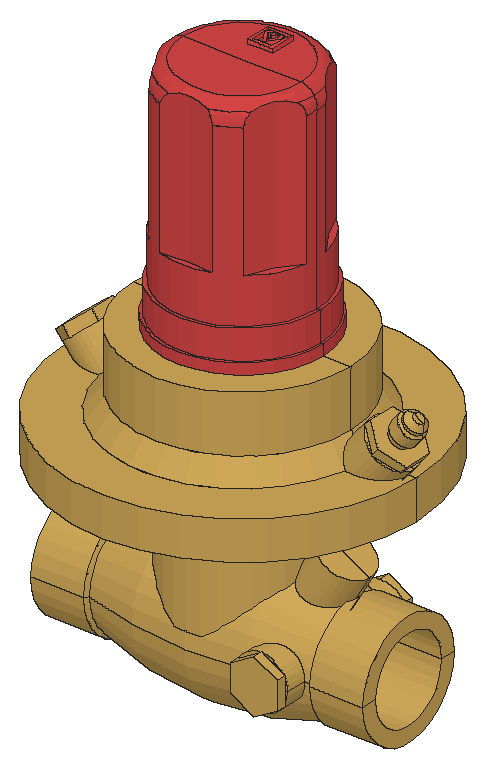
Revit family "Differenzdruckregler 4007", category Rohrzubehör, Revit 2019
Family settings
  Bemaßung runder Anschluss = Durchmesser verwenden
  Teiletyp = Unterbricht
  OmniClass-Nummer = 23.65.55.14.24
  OmniClass-Titel = Mixing Valves for Liquid Services
  Arbeitsebenenbasiert = Nein
  Immer vertikal = Ja
  Beim Laden mit Abzugskörper schneiden = Nein
  Gemeinsam genutzt = Nein
Parameters
  t1 = 24.467 mm
  Prüfdruck = 2400000.0 Pa  # constant formula
  Min. Betriebstemperatur (reines Wasser) = 2 °C  # constant formula
  Min. Betriebstemperatur (Frostschutz, Messinggehäuse) = -20 °C  # constant formula
  Min. Betriebstemperatur (Frostschutz, Graugussgehäuse) = -10 °C  # constant formula
  Max. zulässige Betriebstemperatur DN40-DN80 = 110 °C  # constant formula
  Max. zulässige Betriebstemperatur DN15-DN32 = 130 °C  # constant formula
  Max. Differenzdruck am Gehäuse = 200000.0 Pa  # constant formula
  m4 [instance] = R03 - 11.00 mm  # 20.50 mm
  m3 = 4.00 mm
  m2 [instance] = R03 - 8.50 mm  # 23.00 mm
  m1 = 3.50 mm
  k9 = 17.65 mm
  k8 = 130.00°
  k7 = 9.45 mm
  k6 = 8.678 mm
  k5 = 11.83 mm
  k4 = 142.00°
  k3 = 63.00 mm
  k22 = 3.217 mm
  k21 = 28.72 mm
  k20 = 70.557 mm
  k2 = 49.08 mm
  k19 = 24.467 mm
  k18 = 24.467 mm
  k17 [instance] = 4.002 mm
  k16 = 7.283 mm
  k15 [instance] = size_lookup("4007", "k15", 10.00 mm, Nennweite)  # 7.28 mm
  k14 = 101.662 mm
  k13 = 14.00 mm
  k12 = 39.276 mm
  k11 = 45.00 mm
  k10 = 20.56 mm
  k1 = 21.00 mm
  h2 [instance] = size_lookup("4007", "h2", 18.75 mm, Nennweite)  # 24.50 mm
  h1 = 20.595 mm
  a3 = 9.50 mm
  a2 = 21.021 mm
  a1 = 9.50 mm
  Ventilgehäuse 4007 = "entzinkungsbeständiges Messing"  # constant formula
  URL = "www.herz-armaturen.at"
  Sollwertfeder = "nichtrostender Stahl"  # constant formula
  Schrauben [instance] = if(Nennweite = 15.00 mm, "4x M12x50", if(Nennweite = 20.00 mm, "4x M12x55", if(Nennweite = 25.00 mm, "4x M12x55", if(Nennweite = 32.00 mm, "4x M16x60", if(Nennweite = 40.00 mm, "4x M16x60", if(Nennweite = 50.00 mm, "4x M16x60", if(Nennweite = 65.00 mm, "4x M16x60", if(Nennweite = 80.00 mm, "8x M16x65", if(Nennweite = 100.00 mm, "8x M16x65", if(Nennweite = 125.00 mm, "8x M16x70", if(Nennweite = 150.00 mm, "8x M20x70", if(Nennweite = 200.00 mm, "12x M20x75", if(Nennweite = 250.00 mm, "12x M24x85", if(Nennweite = 300.00 mm, "12x M24x85", if(Nennweite = 350.00 mm, "16x M24x90", "16x M27x100")))))))))))))))  # "4x M12x55"
  SW [instance] = size_lookup("4007", "SW", 13.50 mm, Nennweite)  # 20.50 mm
  SCRNSEQ = "ARM;ARM_TYP=\"DIFR\";2"
  SCRNCODE = "05;03;4"  # constant formula
  Rp [instance] = size_lookup("4007", "Rp", 9.30 mm, Nennweite)  # 15.146 mm
  R04 [instance] = size_lookup("4007", "R04", 19.50 mm, Nennweite)  # 25.40 mm
  R03 [instance] = size_lookup("4007", "R03", 27.50 mm, Nennweite)  # 31.50 mm
  R02 [instance] = size_lookup("4007", "R02", 12.70 mm, Nennweite)  # 19.00 mm
  R01 [instance] = size_lookup("4007", "R01", 21.00 mm, Nennweite)  # 26.00 mm
  Nennweite [instance] = 25.00 mm
  Membrane und O-Ringe = "EPDM"  # constant formula
  Medium = "Die Verwendung von Ethylen- und Propylenglykol ist im Mischungsverhältnis 25 - 50 % zulässig.\r\nHeizwasserqualität entsprechend ÖNORM H 5195 bzw. VDI-Richtlinie 2035. Als Korrosionsschutz kann Helamin HS 190H oder Waterdos OXA30 verwendet werden."
  L03 [instance] = size_lookup("4007", "L03", 35.00 mm, Nennweite)  # 45.00 mm
  L02 [instance] = size_lookup("4007", "L02", 21.00 mm, Nennweite)  # 27.00 mm
  L01 [instance] = size_lookup("4007", "L01", 15.00 mm, Nennweite)  # 19.10 mm
  L [instance] = size_lookup("4007", "L", 100.00 mm, Nennweite)  # 120.00 mm
  Hinweise zum Material = "Im Hanf enthaltenes Ammoniak schädigt Messingventilgehäuse, EPDM Dichtungen werden durch Mineralöle bzw. mineralölhaltige Schmierstoffe aufgequollen und führen somit zum Ausfall der EPDM-Dichtungen. Frost- und Korrosionsschutzmittel auf der Basis von Ethylenglykol sind die entsprechenden Angaben den Unterlagen des Herstellers zu entnehmen."
  Hersteller = "HERZ-Armaturen Ges.m.b.H"  # constant formula
  DN80 [instance] = Nennweite = 80.00 mm  # no
  DN65-80 [instance] = or(Nennweite = 65.00 mm, Nennweite = 80.00 mm)  # no
  DN65 [instance] = Nennweite = 65.00 mm  # no
  DN50 [instance] = Nennweite = 50.00 mm  # no
  DN40 [instance] = Nennweite = 40.00 mm  # no
  DN32-40 [instance] = or(Nennweite = 32.00 mm, Nennweite = 40.00 mm)  # no
  DN32 [instance] = Nennweite = 32.00 mm  # no
  DN25 [instance] = Nennweite = 25.00 mm  # yes
  DN20 [instance] = Nennweite = 20.00 mm  # no
  DN15-50 [instance] = or(Nennweite = 15.00 mm, Nennweite = 20.00 mm, Nennweite = 25.00 mm, Nennweite = 32.00 mm, Nennweite = 40.00 mm, Nennweite = 50.00 mm)  # yes
  DN15-20 [instance] = or(Nennweite = 15.00 mm, Nennweite = 20.00 mm)  # no
  DN15 [instance] = Nennweite = 15.00 mm  # no
  Max. Betriebsdruck = 1600000.0 Pa  # constant formula
  Bestellnummer [instance] = size_lookup("4007", "Artnr", 0, Nennweite)  # 1400703
  B1 [instance] = size_lookup("4007", "b1", 9.50 mm, Nennweite)  # 9.50 mm
  Anwendungsgebiet = "Für Heizungs- und Kühlanlagen um den Differenzdruck innerhalb des regeltechnischen Bereiches konstant zu halten."
Reference planes
  plane 1 "Mitte (Vorne/hinten)": y = 0
  plane 2: z = 0
  plane 3 "Mitte (Links/rechts)": x = 0
Forms (mm)
  Revolve 1, solid, material "Messing, weicher Gelbton, geschweißt", detail levels fine
    sketch origin (0, 0, 0) x (1, 0, 0) y (0, 1, 0)
      loop
        line (-60, 15.146) -> (60, 15.146) -> (60, 20.5) -> (40.9, 20.5) -> (40.265, 19)
        arc (40.265, 19) -> (0, 26) -> (-40.265, 19) r 119.305
        line (-40.265, 19) -> (-40.9, 20.5) -> (-60, 20.5) -> (-60, 15.146)
      axis (60, 0) -> (-60, 0)
    angle from 0 to 360
  Revolve 2, solid, material "Messing, weicher Gelbton, geschweißt", detail levels fine
    sketch origin (0, 0, 0) x (1, 0, 0) y (0, 0, 1)
      loop
        line (-25.4, 45) -> (-25.4, 0) -> (0, 0) -> (0, 45) -> (-25.4, 45)
      axis (0, 45) -> (0, 0)
    angle from 0 to 360
  Revolve 3, solid, material "Messing, weicher Gelbton, geschweißt", detail levels fine
    sketch origin (0, 0, 1.88) x (1, 0, 0) y (0, 0, 1)
      loop
        line (0, 43.116) -> (0, 144.779) -> (-21, 144.779) -> (-21, 92.196) -> (-39.276, 92.196) -> (-39.276, 71.639) -> (-45.35, 64.4) -> (-63, 64.4) -> (-63, 50.4) -> (-54.322, 50.4) -> (-45, 43.116) -> (0, 43.116)
      axis (0, 144.779) -> (0, 43.116)
    angle from 0 to 360
  Revolve 4, solid, material "Messing, weicher Gelbton, geschweißt", visible <- "DN15", detail levels fine
    sketch origin (0, 0, 0) x (1, 0, 0) y (0, 0, 1)
      loop
        line (-22.014, 8.727) -> (-13.787, 13.477) -> (-24.773, 32.507) -> (-33, 27.757) -> (-22.014, 8.727)
      axis (-33, 27.757) -> (-22.014, 8.727)
    angle from 0 to 360
  Revolve 5, solid, material "Messing, weicher Gelbton, geschweißt", visible <- "DN15", detail levels fine
    sketch origin (0, 0, 0) x (-1, 0, 0) y (0, 0, 1)
      loop
        line (-22.014, 8.727) -> (-13.787, 13.477) -> (-24.773, 32.507) -> (-33, 27.757) -> (-22.014, 8.727)
      axis (-33, 27.757) -> (-22.014, 8.727)
    angle from 0 to 360
  Revolve 6, solid, material "Messing, weicher Gelbton, geschweißt", visible <- "DN20", detail levels fine
    sketch origin (-0.6, 0, 0.94) x (1, 0, 0) y (0, 0, 1)
      loop
        line (-22.014, 8.727) -> (-13.787, 13.477) -> (-24.773, 32.507) -> (-33, 27.757) -> (-22.014, 8.727)
      axis (-33, 27.757) -> (-22.014, 8.727)
    angle from 0 to 360
  Revolve 7, solid, material "Messing, weicher Gelbton, geschweißt", visible <- "DN20", detail levels fine
    sketch origin (0.6, 0, 0.94) x (-1, 0, 0) y (0, 0, 1)
      loop
        line (-22.014, 8.727) -> (-13.787, 13.477) -> (-24.773, 32.507) -> (-33, 27.757) -> (-22.014, 8.727)
      axis (-33, 27.757) -> (-22.014, 8.727)
    angle from 0 to 360
  Revolve 8, solid, material "Messing, weicher Gelbton, geschweißt", visible <- "DN25", detail levels fine
    sketch origin (-4.851, 0, 5.003) x (1, 0, 0) y (0, 0, 1)
      loop
        line (-22.014, 8.727) -> (-13.787, 13.477) -> (-24.773, 32.507) -> (-33, 27.757) -> (-22.014, 8.727)
      axis (-33, 27.757) -> (-22.014, 8.727)
    angle from 0 to 360
  Revolve 9, solid, material "Messing, weicher Gelbton, geschweißt", visible <- "DN25", detail levels fine
    sketch origin (4.851, 0, 5.003) x (-1, 0, 0) y (0, 0, 1)
      loop
        line (-22.014, 8.727) -> (-13.787, 13.477) -> (-24.773, 32.507) -> (-33, 27.757) -> (-22.014, 8.727)
      axis (-33, 27.757) -> (-22.014, 8.727)
    angle from 0 to 360
  Revolve 10, solid, material "Messing, weicher Gelbton, geschweißt", visible <- "DN32", detail levels fine
    sketch origin (-12.5, 0, 10.252) x (1, 0, 0) y (0, 0, 1)
      loop
        line (-22.014, 8.727) -> (-13.787, 13.477) -> (-24.773, 32.507) -> (-33, 27.757) -> (-22.014, 8.727)
      axis (-33, 27.757) -> (-22.014, 8.727)
    angle from 0 to 360
  Revolve 11, solid, material "Messing, weicher Gelbton, geschweißt", visible <- "DN32", detail levels fine
    sketch origin (12.5, 0, 10.252) x (-1, 0, 0) y (0, 0, 1)
      loop
        line (-22.014, 8.727) -> (-13.787, 13.477) -> (-24.773, 32.507) -> (-33, 27.757) -> (-22.014, 8.727)
      axis (-33, 27.757) -> (-22.014, 8.727)
    angle from 0 to 360
  Revolve 12, solid, material "Messing, weicher Gelbton, geschweißt", visible <- "DN40", detail levels fine
    sketch origin (-18.5, 0, 13.444) x (1, 0, 0) y (0, 0, 1)
      loop
        line (-22.014, 8.727) -> (-13.787, 13.477) -> (-24.773, 32.507) -> (-33, 27.757) -> (-22.014, 8.727)
      axis (-33, 27.757) -> (-22.014, 8.727)
    angle from 0 to 360
  Revolve 13, solid, material "Messing, weicher Gelbton, geschweißt", visible <- "DN40", detail levels fine
    sketch origin (18.5, 0, 13.444) x (-1, 0, 0) y (0, 0, 1)
      loop
        line (-22.014, 8.727) -> (-13.787, 13.477) -> (-24.773, 32.507) -> (-33, 27.757) -> (-22.014, 8.727)
      axis (-33, 27.757) -> (-22.014, 8.727)
    angle from 0 to 360
  Revolve 14, solid, material "Messing, weicher Gelbton, geschweißt", visible <- "DN50", detail levels fine
    sketch origin (-23.5, 0, 19.174) x (1, 0, 0) y (0, 0, 1)
      loop
        line (-22.014, 8.727) -> (-13.787, 13.477) -> (-24.773, 32.507) -> (-33, 27.757) -> (-22.014, 8.727)
      axis (-33, 27.757) -> (-22.014, 8.727)
    angle from 0 to 360
  Revolve 15, solid, material "Messing, weicher Gelbton, geschweißt", visible <- "DN50", detail levels fine
    sketch origin (23.5, 0, 19.174) x (-1, 0, 0) y (0, 0, 1)
      loop
        line (-22.014, 8.727) -> (-13.787, 13.477) -> (-24.773, 32.507) -> (-33, 27.757) -> (-22.014, 8.727)
      axis (-33, 27.757) -> (-22.014, 8.727)
    angle from 0 to 360
  Revolve 16, solid, material "Messing, weicher Gelbton, geschweißt", detail levels fine
    sketch origin (0, 0, 0) x (1, 0, 0) y (0, 1, 0)
      loop
        line (38, 0) -> (38, 27) -> (28.5, 27) -> (28.5, 0) -> (38, 0)
      axis (28.5, 27) -> (28.5, 0)
    angle from 0 to 360
  Revolve 17, solid, material "Messing, weicher Gelbton, geschweißt", detail levels fine
    sketch origin (0, 0, 0) x (1, 0, 0) y (0, -1, 0)
      loop
        line (38, 0) -> (38, 27) -> (28.5, 27) -> (28.5, 0) -> (38, 0)
      axis (28.5, 27) -> (28.5, 0)
    angle from 0 to 360
  Extrusion 18, solid, material "Messing, weicher Gelbton, geschweißt", visible <- "DN15-50", detail levels fine
    sketch origin (0, 0, 0) x (1, 0, 0) y (0, 0, -1)
      loop
        line (37, -4.907) -> (37, 4.907) -> (28.5, 9.815) -> (20, 4.907) -> (20, -4.907) -> (28.5, -9.815) -> (37, -4.907)
    from 27 to 30.5
  Extrusion 19, solid, material "Messing, weicher Gelbton, geschweißt", visible <- "DN15-50", detail levels fine
    sketch origin (0, 0, 0) x (1, 0, 0) y (0, 0, 1)
      loop
        line (37, 4.907) -> (28.5, 9.815) -> (20, 4.907) -> (20, -4.907) -> (28.5, -9.815) -> (37, -4.907) -> (37, 4.907)
    from 27 to 30.5
  Revolve 20, solid, material "Messing, weicher Gelbton, geschweißt", detail levels fine
    sketch origin (0, 0, 0) x (1, 0, 0) y (0, 0, 1)
      loop
        line (-54.637, 74.894) -> (-41.125, 58.791) -> (-33.848, 64.897) -> (-47.36, 81) -> (-54.637, 74.894)
      axis (-54.637, 74.894) -> (-41.125, 58.791)
    angle from 0 to 360
  Revolve 21, solid, material "Messing, weicher Gelbton, geschweißt", detail levels fine
    sketch origin (0, 0, 0) x (-1, 0, 0) y (0, 0, 1)
      loop
        line (-54.637, 74.894) -> (-41.125, 58.791) -> (-33.848, 64.897) -> (-47.36, 81) -> (-54.637, 74.894)
      axis (-54.637, 74.894) -> (-41.125, 58.791)
    angle from 0 to 360
  Extrusion 22, solid, material "Messing, weicher Gelbton, geschweißt", visible <- "DN15-20", detail levels fine
    sketch origin (-123.581, 0, 7.046) x (0.766044, 0, 0.642788) y (0, 1, 0)
      loop
        line (98.5, 4.907) -> (90, 9.815) -> (81.5, 4.907) -> (81.5, -4.907) -> (90, -9.815) -> (98.5, -4.907) -> (98.5, 4.907)
    from 0 to 4
  Extrusion 23, solid, material "Messing, weicher Gelbton, geschweißt", visible <- "DN15-20", detail levels fine
    sketch origin (-14.307, 0, 122.748) x (0.766044, 0, -0.642788) y (0, 1, 0)
      loop
        line (98.5, 4.907) -> (90, 9.815) -> (81.5, 4.907) -> (81.5, -4.907) -> (90, -9.815) -> (98.5, -4.907) -> (98.5, 4.907)
    from 0 to 3.4
  Revolve 24, solid, material "Messing, weicher Gelbton, geschweißt", visible <- "DN15-20", detail levels fine
    sketch origin (0, 0, 0) x (1, 0, 0) y (0, 0, 1)
      loop
        line (56.822, 67.502) -> (59.81, 64.995) -> (61.417, 66.91) -> (62.155, 66.29) -> (65.109, 69.81) -> (64.941, 71.133) -> (65.648, 71.975) -> (65.414, 74.652) -> (63.893, 75.928) -> (56.822, 67.502)
      axis (63.893, 75.928) -> (56.822, 67.502)
    angle from 0 to 360
  Extrusion 25, solid, material "Messing, weicher Gelbton, geschweißt", visible <- "DN25", detail levels fine
    sketch origin (-123.581, 0, 17.046) x (0.766044, 0, 0.642788) y (0, 1, 0)
      loop
        line (98.5, 4.907) -> (90, 9.815) -> (81.5, 4.907) -> (81.5, -4.907) -> (90, -9.815) -> (98.5, -4.907) -> (98.5, 4.907)
    from 0 to 4
  Extrusion 26, solid, material "Messing, weicher Gelbton, geschweißt", visible <- "DN25", detail levels fine
    sketch origin (-14.307, 0, 132.748) x (0.766044, 0, -0.642788) y (0, 1, 0)
      loop
        line (98.5, 4.907) -> (90, 9.815) -> (81.5, 4.907) -> (81.5, -4.907) -> (90, -9.815) -> (98.5, -4.907) -> (98.5, 4.907)
    from 0 to 3.4
  Revolve 27, solid, material "Messing, weicher Gelbton, geschweißt", visible <- "DN25", detail levels fine
    sketch origin (0, 0, 10) x (1, 0, 0) y (0, 0, 1)
      loop
        line (56.822, 67.502) -> (59.81, 64.995) -> (61.417, 66.91) -> (62.155, 66.29) -> (65.109, 69.81) -> (64.941, 71.133) -> (65.648, 71.975) -> (65.414, 74.652) -> (63.893, 75.928) -> (56.822, 67.502)
      axis (63.893, 75.928) -> (56.822, 67.502)
    angle from 0 to 360
  Extrusion 28, solid, material "Messing, weicher Gelbton, geschweißt", visible <- "DN32-40", detail levels fine
    sketch origin (-123.581, 0, 22.046) x (0.766044, 0, 0.642788) y (0, 1, 0)
      loop
        line (98.5, 4.907) -> (90, 9.815) -> (81.5, 4.907) -> (81.5, -4.907) -> (90, -9.815) -> (98.5, -4.907) -> (98.5, 4.907)
    from 0 to 4
  Extrusion 29, solid, material "Messing, weicher Gelbton, geschweißt", visible <- "DN32-40", detail levels fine
    sketch origin (-14.307, 0, 137.748) x (0.766044, 0, -0.642788) y (0, 1, 0)
      loop
        line (98.5, 4.907) -> (90, 9.815) -> (81.5, 4.907) -> (81.5, -4.907) -> (90, -9.815) -> (98.5, -4.907) -> (98.5, 4.907)
    from 0 to 3.4
  Revolve 30, solid, material "Messing, weicher Gelbton, geschweißt", visible <- "DN32-40", detail levels fine
    sketch origin (0, 0, 15) x (1, 0, 0) y (0, 0, 1)
      loop
        line (56.822, 67.502) -> (59.81, 64.995) -> (61.417, 66.91) -> (62.155, 66.29) -> (65.109, 69.81) -> (64.941, 71.133) -> (65.648, 71.975) -> (65.414, 74.652) -> (63.893, 75.928) -> (56.822, 67.502)
      axis (63.893, 75.928) -> (56.822, 67.502)
    angle from 0 to 360
  Extrusion 31, solid, material "Messing, weicher Gelbton, geschweißt", visible <- "DN50", detail levels fine
    sketch origin (-123.581, 0, 32.546) x (0.766044, 0, 0.642788) y (0, 1, 0)
      loop
        line (98.5, 4.907) -> (90, 9.815) -> (81.5, 4.907) -> (81.5, -4.907) -> (90, -9.815) -> (98.5, -4.907) -> (98.5, 4.907)
    from 0 to 4
  Extrusion 32, solid, material "Messing, weicher Gelbton, geschweißt", visible <- "DN50", detail levels fine
    sketch origin (-14.307, 0, 148.248) x (0.766044, 0, -0.642788) y (0, 1, 0)
      loop
        line (98.5, 4.907) -> (90, 9.815) -> (81.5, 4.907) -> (81.5, -4.907) -> (90, -9.815) -> (98.5, -4.907) -> (98.5, 4.907)
    from 0 to 3.4
  Revolve 33, solid, material "Messing, weicher Gelbton, geschweißt", visible <- "DN50", detail levels fine
    sketch origin (0, 0, 25.5) x (1, 0, 0) y (0, 0, 1)
      loop
        line (56.822, 67.502) -> (59.81, 64.995) -> (61.417, 66.91) -> (62.155, 66.29) -> (65.109, 69.81) -> (64.941, 71.133) -> (65.648, 71.975) -> (65.414, 74.652) -> (63.893, 75.928) -> (56.822, 67.502)
      axis (63.893, 75.928) -> (56.822, 67.502)
    angle from 0 to 360
  Extrusion 34, solid, material "Messing, weicher Gelbton, geschweißt", visible <- "DN65-80", detail levels fine
    sketch origin (31.509, 0, 0) x (1, 0, 0) y (0, 0, -1)
      loop
        line (7.991, -6.351) -> (7.991, 6.351) -> (-3.009, 12.702) -> (-14.009, 6.351) -> (-14.009, -6.351) -> (-3.009, -12.702) -> (7.991, -6.351)
    from 27 to 31
  Extrusion 35, solid, material "Messing, weicher Gelbton, geschweißt", visible <- "DN65-80", detail levels fine
    sketch origin (31.509, 0, 0) x (1, 0, 0) y (0, 0, 1)
      loop
        line (7.991, 6.351) -> (-3.009, 12.702) -> (-14.009, 6.351) -> (-14.009, -6.351) -> (-3.009, -12.702) -> (7.991, -6.351) -> (7.991, 6.351)
    from 27 to 31
  Revolve 36, solid, material "Messing, weicher Gelbton, geschweißt", visible <- "DN65", detail levels fine
    sketch origin (-32, 0, 28.317) x (1, 0, 0) y (0, 0, 1)
      loop
        line (-22.014, 8.727) -> (-13.787, 13.477) -> (-24.773, 32.507) -> (-33, 27.757) -> (-22.014, 8.727)
      axis (-33, 27.757) -> (-22.014, 8.727)
    angle from 0 to 360
  Revolve 37, solid, material "Messing, weicher Gelbton, geschweißt", visible <- "DN65", detail levels fine
    sketch origin (32, 0, 28.317) x (-1, 0, 0) y (0, 0, 1)
      loop
        line (-22.014, 8.727) -> (-13.787, 13.477) -> (-24.773, 32.507) -> (-33, 27.757) -> (-22.014, 8.727)
      axis (-33, 27.757) -> (-22.014, 8.727)
    angle from 0 to 360
  Revolve 38, solid, material "Messing, weicher Gelbton, geschweißt", visible <- "DN80", detail levels fine
    sketch origin (-41, 0, 35.243) x (1, 0, 0) y (0, 0, 1)
      loop
        line (-22.014, 8.727) -> (-13.787, 13.477) -> (-24.773, 32.507) -> (-33, 27.757) -> (-22.014, 8.727)
      axis (-33, 27.757) -> (-22.014, 8.727)
    angle from 0 to 360
  Revolve 39, solid, material "Messing, weicher Gelbton, geschweißt", visible <- "DN80", detail levels fine
    sketch origin (41, 0, 35.243) x (-1, 0, 0) y (0, 0, 1)
      loop
        line (-22.014, 8.727) -> (-13.787, 13.477) -> (-24.773, 32.507) -> (-33, 27.757) -> (-22.014, 8.727)
      axis (-33, 27.757) -> (-22.014, 8.727)
    angle from 0 to 360
  Revolve 40, solid, material "Messing, weicher Gelbton, geschweißt", detail levels fine
    sketch origin (0, 0, 1.7) x (1, 0, 0) y (0, 0, 1)
      loop
        line (0, 46.517) -> (-42, 46.517) -> (-42, 43.3) -> (0, 43.3) -> (0, 46.517)
      axis (0, 46.517) -> (0, 43.3)
    angle from 0 to 360
  Extrusion 41, solid, material "Messing, weicher Gelbton, geschweißt", visible <- "DN65", detail levels fine
    sketch origin (-123.581, 0, 40.263) x (0.766044, 0, 0.642788) y (0, 1, 0)
      loop
        line (98.5, 4.907) -> (90, 9.815) -> (81.5, 4.907) -> (81.5, -4.907) -> (90, -9.815) -> (98.5, -4.907) -> (98.5, 4.907)
    from 0 to 4
  Extrusion 42, solid, material "Messing, weicher Gelbton, geschweißt", visible <- "DN65", detail levels fine
    sketch origin (123.581, 0, 40.263) x (-0.766044, 0, 0.642788) y (0, -1, 0)
      loop
        line (98.5, -4.907) -> (98.5, 4.907) -> (90, 9.815) -> (81.5, 4.907) -> (81.5, -4.907) -> (90, -9.815) -> (98.5, -4.907)
    from 0 to 4
  Revolve 43, solid, material "Messing, weicher Gelbton, geschweißt", visible <- "DN65", detail levels fine
    sketch origin (0.386, 0, 33.676) x (1, 0, 0) y (0, 0, 1)
      loop
        line (56.822, 67.502) -> (59.81, 64.995) -> (61.417, 66.91) -> (62.155, 66.29) -> (65.109, 69.81) -> (64.941, 71.133) -> (65.648, 71.975) -> (65.414, 74.652) -> (63.893, 75.928) -> (56.822, 67.502)
      axis (63.893, 75.928) -> (56.822, 67.502)
    angle from 0 to 360
  Extrusion 44, solid, material "Messing, weicher Gelbton, geschweißt", visible <- "DN80", detail levels fine
    sketch origin (-123.581, 0, 41.963) x (0.766044, 0, 0.642788) y (0, 1, 0)
      loop
        line (98.5, 4.907) -> (90, 9.815) -> (81.5, 4.907) -> (81.5, -4.907) -> (90, -9.815) -> (98.5, -4.907) -> (98.5, 4.907)
    from 0 to 4
  Extrusion 45, solid, material "Messing, weicher Gelbton, geschweißt", visible <- "DN80", detail levels fine
    sketch origin (123.581, 0, 41.963) x (-0.766044, 0, 0.642788) y (0, -1, 0)
      loop
        line (98.5, -4.907) -> (98.5, 4.907) -> (90, 9.815) -> (81.5, 4.907) -> (81.5, -4.907) -> (90, -9.815) -> (98.5, -4.907)
    from 0 to 4
  Revolve 46, solid, material "Messing, weicher Gelbton, geschweißt", visible <- "DN80", detail levels fine
    sketch origin (0.386, 0, 35.376) x (1, 0, 0) y (0, 0, 1)
      loop
        line (56.822, 67.502) -> (59.81, 64.995) -> (61.417, 66.91) -> (62.155, 66.29) -> (65.109, 69.81) -> (64.941, 71.133) -> (65.648, 71.975) -> (65.414, 74.652) -> (63.893, 75.928) -> (56.822, 67.502)
      axis (63.893, 75.928) -> (56.822, 67.502)
    angle from 0 to 360
  Extrusion 47, solid, material "Messing, weicher Gelbton, geschweißt", visible <- "DN65", detail levels fine
    sketch origin (0, 0, 0) x (0, 1, 0) y (0, 0, -1)
      loop
        circle (0, 0.217) r 46
      loop
        circle (0, 0.217) r 42.499
    from 90 to 95
  Extrusion 48, solid, material "Messing, weicher Gelbton, geschweißt", visible <- "DN80", detail levels fine
    sketch origin (0, 0, 0) x (0, 1, 0) y (0, 0, 1)
      loop
        circle (0, -0.217) r 54
      loop
        circle (0, -0.217) r 50
    from -105 to -100
  Extrusion 49, solid, material "Messing, weicher Gelbton, geschweißt", visible <- "DN80", detail levels fine
    sketch origin (0, 0, 0) x (0, 1, 0) y (0, 0, -1)
      loop
        circle (0, 0.217) r 54
      loop
        circle (0, 0.217) r 50
    from -105 to -100
  Extrusion 50, solid, material "Messing, weicher Gelbton, geschweißt", visible <- "DN65", detail levels fine
    sketch origin (0, 0, 0) x (0, 1, 0) y (0, 0, 1)
      loop
        circle (0, -0.217) r 46
      loop
        circle (0, -0.217) r 42.499
    from 90 to 95
Lines and regions (mm)
  model lines, detail levels coarse+medium
    curve 1: spline (-63, 0, 59.28) -> (-60.853, 0, 61.092) -> (-54.56, 0, 62.78) -> (-44.548, 0, 64.23) -> (-31.5, 0, 65.342) -> (-16.306, 0, 66.041) -> (0, 0, 66.28) -> (16.306, 0, 66.041) -> (31.5, 0, 65.342) -> (44.548, 0, 64.23) -> (54.56, 0, 62.78) -> (60.853, 0, 61.092) -> (63, 0, 59.28) -> (60.853, 0, 57.468) -> (54.56, 0, 55.78) -> (44.548, 0, 54.33) -> (31.5, 0, 53.218) -> (16.306, 0, 52.519) -> (0, 0, 52.28) -> (-16.306, 0, 52.519) -> (-31.5, 0, 53.218) -> (-44.548, 0, 54.33) -> (-54.56, 0, 55.78) -> (-60.853, 0, 57.468) -> (-63, 0, 59.28)
    curve 2: line (60, 0, 20.5) -> (60, 0, -20.5)
    curve 3: line (60, 0, -20.5) -> (-60, 0, 20.5)
    curve 4: line (-60, 0, 20.5) -> (-60, 0, -20.5)
    curve 5: line (-60, 0, -20.5) -> (60, 0, 20.5)
    curve 6: line (30, 0, 10.25) -> (0, 0, 45)
    curve 7: line (-30, 0, 10.25) -> (0, 0, 45)
    curve 8: line (0, 0, 45) -> (0, 0, 52.28)
    curve 9: spline (-63, -59.28, 0) -> (-60.853, -57.468, 0) -> (-54.56, -55.78, 0) -> (-44.548, -54.33, 0) -> (-31.5, -53.218, 0) -> (-16.306, -52.519, 0) -> (0, -52.28, 0) -> (16.306, -52.519, 0) -> (31.5, -53.218, 0) -> (44.548, -54.33, 0) -> (54.56, -55.78, 0) -> (60.853, -57.468, 0) -> (63, -59.28, 0) -> (60.853, -61.092, 0) -> (54.56, -62.78, 0) -> (44.548, -64.23, 0) -> (31.5, -65.342, 0) -> (16.306, -66.041, 0) -> (0, -66.28, 0) -> (-16.306, -66.041, 0) -> (-31.5, -65.342, 0) -> (-44.548, -64.23, 0) -> (-54.56, -62.78, 0) -> (-60.853, -61.092, 0) -> (-63, -59.28, 0)
    curve 10: line (-60, 20.5, 0) -> (60, -20.5, 0)
    curve 11: line (60, -20.5, 0) -> (60, 20.5, 0)
    curve 12: line (60, 20.5, 0) -> (-60, -20.5, 0)
    curve 13: line (-60, -20.5, 0) -> (-60, 20.5, 0)
    curve 14: line (0, -45, 0) -> (0, -52.28, 0)
    curve 15: line (-20, -6.833, 0) -> (0, -45, 0)
    curve 16: line (20, -6.833, 0) -> (0, -45, 0)
Dimensions and locks
  "L": Revolve 1 sketch curve to Revolve 1 sketch curve
  equal spacing: Revolve 1 sketch curve, plane 3 "Mitte (Links/rechts)", Revolve 1 sketch curve  (x2)
  "Rp": plane 1 "Mitte (Vorne/hinten)" to Revolve 1 sketch curve
  "SW": plane 1 "Mitte (Vorne/hinten)" to Revolve 1 sketch curve
  "SW": Revolve 1 sketch curve to plane 1 "Mitte (Vorne/hinten)"
  "R02": plane 1 "Mitte (Vorne/hinten)" to Revolve 1 sketch curve  (x2)
  "R01": plane 1 "Mitte (Vorne/hinten)" to Revolve 1 sketch curve
  "L01": Revolve 1 sketch curve to Revolve 1 sketch curve  (x2)
  "L02": plane 1 "Mitte (Vorne/hinten)" to Revolve 16 sketch curve
  "R03": Revolve 16 sketch curve to Revolve 1
  "B1": Revolve 16 sketch curve to Revolve 16 sketch curve
  "B1": Revolve 17 sketch curve to Revolve 17 sketch curve
  "R03": Revolve 17 sketch curve to Revolve 1
  "L02": Revolve 17 sketch curve to plane 1 "Mitte (Vorne/hinten)"
  "L02": plane 1 "Mitte (Vorne/hinten)" to Extrusion 18
  "m2": Extrusion 18 to Revolve 1
  "m1": Extrusion 18 to Extrusion 18
  "L02": plane 1 "Mitte (Vorne/hinten)" to Extrusion 19
  "m2": Extrusion 19 to Revolve 1
  "m1": Extrusion 19 to Extrusion 19
  "R04": Revolve 2 sketch curve to plane 3 "Mitte (Links/rechts)"
  "L03": Revolve 2 sketch curve to plane 2
  "k1": Revolve 3 sketch curve to Revolve 3 sketch curve
  "k3": Revolve 3 sketch curve to Revolve 3 sketch curve
  "k5": Revolve 3 sketch curve to Revolve 3 sketch curve
  "k6": Revolve 3 sketch curve to Revolve 3 sketch curve
  "k7": Revolve 3 sketch curve to Revolve 3 sketch curve
  "k9": Revolve 3 sketch curve to Revolve 3 sketch curve
  "k11": Revolve 3 sketch curve to Revolve 3 sketch curve
  "k12": Revolve 3 sketch curve to Revolve 3 sketch curve
  "k13": Revolve 3 sketch curve to Revolve 3 sketch curve
  "k14": Revolve 3 sketch curve to Revolve 3 sketch curve
  "a1": Revolve 20 sketch curve to Revolve 20 sketch curve
  "a2": Revolve 20 sketch curve to Revolve 20 sketch curve
  "a2": Revolve 21 sketch curve to Revolve 21 sketch curve
  "a1": Revolve 21 sketch curve to Revolve 21 sketch curve
  "a3": Revolve 20 sketch curve to Revolve 20 sketch curve
  "a3": Revolve 21 sketch curve to Revolve 21 sketch curve
  "k15": Revolve 3 to Revolve 2
  "k16": Revolve 3 sketch curve to Revolve 3 sketch curve
  "k17": nested 1 to Revolve 3
  "k21": Revolve 20 sketch curve to Revolve 3
  "k21": Revolve 21 sketch curve to Revolve 3
  "h1": Revolve 3 to nested 2
  "h2": plane 1 "Mitte (Vorne/hinten)" to nested 2
  "m3": Extrusion 34 to Extrusion 34
  "m3": Extrusion 34 to Revolve 16
  "m4": Extrusion 34 to Revolve 1
  "m3": Extrusion 35 to Extrusion 35
  "m4": Extrusion 35 to Revolve 1
  "m3": Extrusion 35 to Revolve 17
  nested 1 to level = 180.005 mm
  "k22": Revolve 40 to Revolve 2
  "k2": Revolve 3 sketch curve to Revolve 3 sketch curve
  equal spacing: curve 4, plane 3 "Mitte (Links/rechts)", curve 2
  "L": curve 4 to curve 2
  "k3": plane 3 "Mitte (Links/rechts)" to curve 1
  "k13": curve 1 to curve 1
  "k15": curve 1 to Revolve 2
  "SW": curve 4 to plane 2
  "SW": plane 2 to curve 5
  "SW": curve 5 to plane 2 to curve 3
  equal spacing: curve 4, curve 7, curve 7, curve 6, curve 2
  "k3": curve 1 to plane 3 "Mitte (Links/rechts)"
  "L03": curve 8 to plane 2
  "k15": curve 8 to curve 8
  "k3": curve 9 to plane 3 "Mitte (Links/rechts)" to curve 9
  "k13": curve 9 to curve 9
  equal spacing: curve 13, curve 15, curve 16, curve 11
  "L": curve 13 to curve 11
  "SW": plane 1 "Mitte (Vorne/hinten)" to curve 13
  "SW": curve 13 to plane 1 "Mitte (Vorne/hinten)"
  "SW": plane 1 "Mitte (Vorne/hinten)" to curve 12
  "SW": curve 11 to plane 1 "Mitte (Vorne/hinten)"
  "k15": curve 16 to curve 14
  equal spacing: curve 13, plane 3 "Mitte (Links/rechts)", curve 11
  "L03": curve 16 to plane 1 "Mitte (Vorne/hinten)"
  "k4": angle Revolve 3 sketch curve to Revolve 3 sketch curve
  "k8": angle Revolve 3 sketch curve to Revolve 3 sketch curve
  aligned and locked: level to plane 2
Automatic sketch dimensions
  Revolve 4 sketch curve to plane 3 "Mitte (Links/rechts)" = 33.00 mm
  Revolve 4 sketch curve to Revolve 4 sketch curve = 8.227 mm
  level to Revolve 4 sketch curve = 8.727 mm  (x2)
  Revolve 4 sketch curve to Revolve 4 sketch curve = 10.987 mm
  Revolve 4 sketch curve to Revolve 4 sketch curve = 4.75 mm
  Revolve 4 sketch curve to Revolve 4 sketch curve = 0.00 mm  (x3)
  Revolve 5 sketch curve to plane 3 "Mitte (Links/rechts)" = 33.00 mm
  Revolve 5 sketch curve to Revolve 5 sketch curve = 8.227 mm
  Revolve 5 sketch curve to level = 8.727 mm  (x2)
  Revolve 5 sketch curve to Revolve 5 sketch curve = 10.987 mm
  Revolve 5 sketch curve to Revolve 5 sketch curve = 4.75 mm
  Revolve 5 sketch curve to Revolve 5 sketch curve = 0.00 mm  (x3)
  Revolve 6 sketch curve to plane 3 "Mitte (Links/rechts)" = 33.60 mm
  Revolve 6 sketch curve to Revolve 6 sketch curve = 8.227 mm
  level to Revolve 6 sketch curve = 9.668 mm  (x2)
  Revolve 6 sketch curve to Revolve 6 sketch curve = 10.987 mm
  Revolve 6 sketch curve to Revolve 6 sketch curve = 4.75 mm
  Revolve 6 sketch curve to Revolve 6 sketch curve = 0.00 mm  (x3)
  Revolve 7 sketch curve to plane 3 "Mitte (Links/rechts)" = 33.60 mm
  Revolve 7 sketch curve to Revolve 7 sketch curve = 8.227 mm
  Revolve 7 sketch curve to level = 9.668 mm  (x2)
  Revolve 7 sketch curve to Revolve 7 sketch curve = 10.987 mm
  Revolve 7 sketch curve to Revolve 7 sketch curve = 4.75 mm
  Revolve 7 sketch curve to Revolve 7 sketch curve = 0.00 mm  (x3)
  Revolve 8 sketch curve to plane 3 "Mitte (Links/rechts)" = 37.851 mm
  Revolve 8 sketch curve to Revolve 8 sketch curve = 8.227 mm
  level to Revolve 8 sketch curve = 13.731 mm
  Revolve 8 sketch curve to Revolve 8 sketch curve = 10.987 mm
  Revolve 8 sketch curve to Revolve 8 sketch curve = 4.75 mm
  Revolve 8 sketch curve to Revolve 8 sketch curve = 0.00 mm  (x4)
  Revolve 9 sketch curve to plane 3 "Mitte (Links/rechts)" = 37.851 mm
  Revolve 9 sketch curve to Revolve 9 sketch curve = 8.227 mm
  Revolve 9 sketch curve to level = 13.731 mm
  Revolve 9 sketch curve to Revolve 9 sketch curve = 10.987 mm
  Revolve 9 sketch curve to Revolve 9 sketch curve = 4.75 mm
  Revolve 9 sketch curve to Revolve 9 sketch curve = 0.00 mm  (x4)
  Revolve 10 sketch curve to plane 3 "Mitte (Links/rechts)" = 45.50 mm
  Revolve 10 sketch curve to Revolve 10 sketch curve = 8.227 mm
  Revolve 10 sketch curve to Revolve 10 sketch curve = 10.987 mm
  level to Revolve 10 sketch curve = 18.979 mm
  Revolve 10 sketch curve to Revolve 10 sketch curve = 4.75 mm
  Revolve 10 sketch curve to Revolve 10 sketch curve = 0.00 mm  (x4)
  Revolve 11 sketch curve to plane 3 "Mitte (Links/rechts)" = 45.50 mm
  Revolve 11 sketch curve to Revolve 11 sketch curve = 8.227 mm
  Revolve 11 sketch curve to Revolve 11 sketch curve = 10.987 mm
  Revolve 11 sketch curve to level = 18.979 mm
  Revolve 11 sketch curve to Revolve 11 sketch curve = 4.75 mm
  Revolve 11 sketch curve to Revolve 11 sketch curve = 0.00 mm  (x4)
  Revolve 12 sketch curve to plane 3 "Mitte (Links/rechts)" = 51.50 mm
  Revolve 12 sketch curve to Revolve 12 sketch curve = 8.227 mm
  Revolve 12 sketch curve to Revolve 12 sketch curve = 10.987 mm
  level to Revolve 12 sketch curve = 22.171 mm
  Revolve 12 sketch curve to Revolve 12 sketch curve = 4.75 mm
  Revolve 12 sketch curve to Revolve 12 sketch curve = 0.00 mm  (x4)
  Revolve 13 sketch curve to plane 3 "Mitte (Links/rechts)" = 51.50 mm
  Revolve 13 sketch curve to Revolve 13 sketch curve = 8.227 mm
  Revolve 13 sketch curve to Revolve 13 sketch curve = 10.987 mm
  Revolve 13 sketch curve to level = 22.171 mm
  Revolve 13 sketch curve to Revolve 13 sketch curve = 4.75 mm
  Revolve 13 sketch curve to Revolve 13 sketch curve = 0.00 mm  (x4)
  Revolve 14 sketch curve to plane 3 "Mitte (Links/rechts)" = 56.50 mm
  Revolve 14 sketch curve to Revolve 14 sketch curve = 8.227 mm
  Revolve 14 sketch curve to Revolve 14 sketch curve = 10.987 mm
  level to Revolve 14 sketch curve = 27.902 mm
  Revolve 14 sketch curve to Revolve 14 sketch curve = 4.75 mm
  Revolve 14 sketch curve to Revolve 14 sketch curve = 0.00 mm  (x4)
  Revolve 15 sketch curve to plane 3 "Mitte (Links/rechts)" = 56.50 mm
  Revolve 15 sketch curve to Revolve 15 sketch curve = 8.227 mm
  Revolve 15 sketch curve to Revolve 15 sketch curve = 10.987 mm
  Revolve 15 sketch curve to level = 27.902 mm
  Revolve 15 sketch curve to Revolve 15 sketch curve = 4.75 mm
  Revolve 15 sketch curve to Revolve 15 sketch curve = 0.00 mm  (x4)
  Extrusion 18 sketch curve to level = 4.907 mm  (x2)
  plane 3 "Mitte (Links/rechts)" to Extrusion 18 sketch curve = 20.00 mm
  level to Extrusion 18 sketch curve = 9.815 mm
  Extrusion 18 sketch curve to Extrusion 18 sketch curve = 8.50 mm  (x3)
  Extrusion 18 sketch curve to level = 9.815 mm
  level to Extrusion 18 sketch curve = 4.907 mm  (x2)
  Extrusion 19 sketch curve to level = 4.907 mm  (x2)
  plane 3 "Mitte (Links/rechts)" to Extrusion 19 sketch curve = 20.00 mm
  level to Extrusion 19 sketch curve = 9.815 mm
  Extrusion 19 sketch curve to Extrusion 19 sketch curve = 8.50 mm  (x3)
  Extrusion 19 sketch curve to level = 9.815 mm
  level to Extrusion 19 sketch curve = 4.907 mm  (x2)
  plane 3 "Mitte (Links/rechts)" to Revolve 24 sketch curve = 56.822 mm
  Revolve 24 sketch curve to Revolve 24 sketch curve = 2.988 mm
  Revolve 24 sketch curve to Revolve 24 sketch curve = 1.607 mm
  Revolve 24 sketch curve to Revolve 24 sketch curve = 0.738 mm
  Revolve 24 sketch curve to Revolve 24 sketch curve = 2.476 mm
  Revolve 24 sketch curve to Revolve 24 sketch curve = 1.048 mm
  Revolve 24 sketch curve to Revolve 24 sketch curve = 0.168 mm
  Revolve 24 sketch curve to Revolve 24 sketch curve = 1.521 mm
  Revolve 24 sketch curve to Revolve 24 sketch curve = 0.707 mm
  level to Revolve 24 sketch curve = 64.995 mm
  Revolve 24 sketch curve to Revolve 24 sketch curve = 1.295 mm
  Revolve 24 sketch curve to Revolve 24 sketch curve = 1.322 mm
  Revolve 24 sketch curve to Revolve 24 sketch curve = 0.843 mm
  Revolve 24 sketch curve to Revolve 24 sketch curve = 0.00 mm  (x4)
  plane 3 "Mitte (Links/rechts)" to Revolve 27 sketch curve = 56.822 mm
  Revolve 27 sketch curve to Revolve 27 sketch curve = 2.988 mm
  Revolve 27 sketch curve to Revolve 27 sketch curve = 1.607 mm
  Revolve 27 sketch curve to Revolve 27 sketch curve = 0.738 mm
  Revolve 27 sketch curve to Revolve 27 sketch curve = 2.476 mm
  Revolve 27 sketch curve to Revolve 27 sketch curve = 1.048 mm
  Revolve 27 sketch curve to Revolve 27 sketch curve = 0.168 mm
  Revolve 27 sketch curve to Revolve 27 sketch curve = 1.521 mm
  Revolve 27 sketch curve to Revolve 27 sketch curve = 0.707 mm
  level to Revolve 27 sketch curve = 74.995 mm
  Revolve 27 sketch curve to Revolve 27 sketch curve = 1.295 mm
  Revolve 27 sketch curve to Revolve 27 sketch curve = 1.322 mm
  Revolve 27 sketch curve to Revolve 27 sketch curve = 0.843 mm
  Revolve 27 sketch curve to Revolve 27 sketch curve = 0.00 mm  (x4)
  plane 3 "Mitte (Links/rechts)" to Revolve 30 sketch curve = 56.822 mm
  Revolve 30 sketch curve to Revolve 30 sketch curve = 2.988 mm
  Revolve 30 sketch curve to Revolve 30 sketch curve = 1.607 mm
  Revolve 30 sketch curve to Revolve 30 sketch curve = 0.738 mm
  Revolve 30 sketch curve to Revolve 30 sketch curve = 2.476 mm
  Revolve 30 sketch curve to Revolve 30 sketch curve = 1.048 mm
  Revolve 30 sketch curve to Revolve 30 sketch curve = 0.168 mm
  Revolve 30 sketch curve to Revolve 30 sketch curve = 1.521 mm
  Revolve 30 sketch curve to Revolve 30 sketch curve = 0.707 mm
  level to Revolve 30 sketch curve = 79.995 mm
  Revolve 30 sketch curve to Revolve 30 sketch curve = 1.295 mm
  Revolve 30 sketch curve to Revolve 30 sketch curve = 1.322 mm
  Revolve 30 sketch curve to Revolve 30 sketch curve = 0.843 mm
  Revolve 30 sketch curve to Revolve 30 sketch curve = 0.00 mm  (x4)
  plane 3 "Mitte (Links/rechts)" to Revolve 33 sketch curve = 56.822 mm
  Revolve 33 sketch curve to Revolve 33 sketch curve = 2.988 mm
  Revolve 33 sketch curve to Revolve 33 sketch curve = 1.607 mm
  Revolve 33 sketch curve to Revolve 33 sketch curve = 0.738 mm
  Revolve 33 sketch curve to Revolve 33 sketch curve = 2.476 mm
  Revolve 33 sketch curve to Revolve 33 sketch curve = 1.048 mm
  Revolve 33 sketch curve to Revolve 33 sketch curve = 0.168 mm
  Revolve 33 sketch curve to Revolve 33 sketch curve = 1.521 mm
  Revolve 33 sketch curve to Revolve 33 sketch curve = 0.707 mm
  level to Revolve 33 sketch curve = 90.495 mm
  Revolve 33 sketch curve to Revolve 33 sketch curve = 1.295 mm
  Revolve 33 sketch curve to Revolve 33 sketch curve = 1.322 mm
  Revolve 33 sketch curve to Revolve 33 sketch curve = 0.843 mm
  Revolve 33 sketch curve to Revolve 33 sketch curve = 0.00 mm  (x4)
  Extrusion 34 sketch curve to level = 6.351 mm  (x2)
  plane 3 "Mitte (Links/rechts)" to Extrusion 34 sketch curve = 17.50 mm
  level to Extrusion 34 sketch curve = 12.702 mm
  Extrusion 34 sketch curve to Extrusion 34 sketch curve = 11.00 mm  (x3)
  Extrusion 34 sketch curve to level = 12.702 mm
  level to Extrusion 34 sketch curve = 6.351 mm  (x2)
  Extrusion 35 sketch curve to level = 6.351 mm  (x2)
  plane 3 "Mitte (Links/rechts)" to Extrusion 35 sketch curve = 17.50 mm
  level to Extrusion 35 sketch curve = 12.702 mm
  Extrusion 35 sketch curve to Extrusion 35 sketch curve = 11.00 mm  (x3)
  Extrusion 35 sketch curve to level = 12.702 mm
  level to Extrusion 35 sketch curve = 6.351 mm  (x2)
  Revolve 36 sketch curve to plane 3 "Mitte (Links/rechts)" = 65.00 mm
  Revolve 36 sketch curve to Revolve 36 sketch curve = 8.227 mm
  Revolve 36 sketch curve to Revolve 36 sketch curve = 10.987 mm
  level to Revolve 36 sketch curve = 37.045 mm
  Revolve 36 sketch curve to Revolve 36 sketch curve = 4.75 mm
  Revolve 36 sketch curve to Revolve 36 sketch curve = 0.00 mm  (x4)
  Revolve 37 sketch curve to plane 3 "Mitte (Links/rechts)" = 65.00 mm
  Revolve 37 sketch curve to Revolve 37 sketch curve = 8.227 mm
  Revolve 37 sketch curve to Revolve 37 sketch curve = 10.987 mm
  Revolve 37 sketch curve to level = 37.045 mm
  Revolve 37 sketch curve to Revolve 37 sketch curve = 4.75 mm
  Revolve 37 sketch curve to Revolve 37 sketch curve = 0.00 mm  (x4)
  Revolve 38 sketch curve to plane 3 "Mitte (Links/rechts)" = 74.00 mm
  Revolve 38 sketch curve to Revolve 38 sketch curve = 8.227 mm
  Revolve 38 sketch curve to Revolve 38 sketch curve = 10.987 mm
  level to Revolve 38 sketch curve = 43.971 mm
  Revolve 38 sketch curve to Revolve 38 sketch curve = 4.75 mm
  Revolve 38 sketch curve to Revolve 38 sketch curve = 0.00 mm  (x4)
  Revolve 39 sketch curve to plane 3 "Mitte (Links/rechts)" = 74.00 mm
  Revolve 39 sketch curve to Revolve 39 sketch curve = 8.227 mm
  Revolve 39 sketch curve to Revolve 39 sketch curve = 10.987 mm
  Revolve 39 sketch curve to level = 43.971 mm
  Revolve 39 sketch curve to Revolve 39 sketch curve = 4.75 mm
  Revolve 39 sketch curve to Revolve 39 sketch curve = 0.00 mm  (x4)
  Revolve 40 sketch curve to plane 3 "Mitte (Links/rechts)" = 0.00 mm  (x2)
  Revolve 40 sketch curve to plane 3 "Mitte (Links/rechts)" = 42.00 mm
  level to Revolve 40 sketch curve = 45.00 mm
  Revolve 40 sketch curve to Revolve 40 sketch curve = 3.217 mm
  Revolve 40 sketch curve to Revolve 40 sketch curve = 0.00 mm  (x2)
  plane 3 "Mitte (Links/rechts)" to Revolve 43 sketch curve = 57.208 mm
  Revolve 43 sketch curve to Revolve 43 sketch curve = 2.988 mm
  Revolve 43 sketch curve to Revolve 43 sketch curve = 1.607 mm
  Revolve 43 sketch curve to Revolve 43 sketch curve = 0.738 mm
  Revolve 43 sketch curve to Revolve 43 sketch curve = 2.476 mm
  Revolve 43 sketch curve to Revolve 43 sketch curve = 1.048 mm
  Revolve 43 sketch curve to Revolve 43 sketch curve = 0.168 mm
  Revolve 43 sketch curve to Revolve 43 sketch curve = 1.521 mm
  Revolve 43 sketch curve to Revolve 43 sketch curve = 0.707 mm
  level to Revolve 43 sketch curve = 98.671 mm
  Revolve 43 sketch curve to Revolve 43 sketch curve = 1.295 mm
  Revolve 43 sketch curve to Revolve 43 sketch curve = 1.322 mm
  Revolve 43 sketch curve to Revolve 43 sketch curve = 0.843 mm
  Revolve 43 sketch curve to Revolve 43 sketch curve = 0.00 mm  (x4)
  plane 3 "Mitte (Links/rechts)" to Revolve 46 sketch curve = 57.208 mm
  Revolve 46 sketch curve to Revolve 46 sketch curve = 2.988 mm
  Revolve 46 sketch curve to Revolve 46 sketch curve = 1.607 mm
  Revolve 46 sketch curve to Revolve 46 sketch curve = 0.738 mm
  Revolve 46 sketch curve to Revolve 46 sketch curve = 2.476 mm
  Revolve 46 sketch curve to Revolve 46 sketch curve = 1.048 mm
  Revolve 46 sketch curve to Revolve 46 sketch curve = 0.168 mm
  Revolve 46 sketch curve to Revolve 46 sketch curve = 1.521 mm
  Revolve 46 sketch curve to Revolve 46 sketch curve = 0.707 mm
  level to Revolve 46 sketch curve = 100.371 mm
  Revolve 46 sketch curve to Revolve 46 sketch curve = 1.295 mm
  Revolve 46 sketch curve to Revolve 46 sketch curve = 1.322 mm
  Revolve 46 sketch curve to Revolve 46 sketch curve = 0.843 mm
  Revolve 46 sketch curve to Revolve 46 sketch curve = 0.00 mm  (x4)
  plane 1 "Mitte (Vorne/hinten)" to Extrusion 22 sketch curve = 4.907 mm  (x2)
  Extrusion 22 sketch curve to plane 1 "Mitte (Vorne/hinten)" = 9.815 mm
  Extrusion 22 sketch curve to Extrusion 22 sketch curve = 8.50 mm  (x3)
  plane 1 "Mitte (Vorne/hinten)" to Extrusion 22 sketch curve = 9.815 mm
  Extrusion 22 sketch curve to plane 1 "Mitte (Vorne/hinten)" = 4.907 mm  (x2)
  plane 1 "Mitte (Vorne/hinten)" to Extrusion 23 sketch curve = 4.907 mm  (x2)
  Extrusion 23 sketch curve to plane 1 "Mitte (Vorne/hinten)" = 9.815 mm
  Extrusion 23 sketch curve to Extrusion 23 sketch curve = 8.50 mm  (x3)
  plane 1 "Mitte (Vorne/hinten)" to Extrusion 23 sketch curve = 9.815 mm
  Extrusion 23 sketch curve to plane 1 "Mitte (Vorne/hinten)" = 4.907 mm  (x2)
  plane 1 "Mitte (Vorne/hinten)" to Extrusion 25 sketch curve = 4.907 mm  (x2)
  Extrusion 25 sketch curve to plane 1 "Mitte (Vorne/hinten)" = 9.815 mm
  Extrusion 25 sketch curve to Extrusion 25 sketch curve = 8.50 mm  (x3)
  plane 1 "Mitte (Vorne/hinten)" to Extrusion 25 sketch curve = 9.815 mm
  Extrusion 25 sketch curve to plane 1 "Mitte (Vorne/hinten)" = 4.907 mm  (x2)
  plane 1 "Mitte (Vorne/hinten)" to Extrusion 26 sketch curve = 4.907 mm  (x2)
  Extrusion 26 sketch curve to plane 1 "Mitte (Vorne/hinten)" = 9.815 mm
  Extrusion 26 sketch curve to Extrusion 26 sketch curve = 8.50 mm  (x3)
  plane 1 "Mitte (Vorne/hinten)" to Extrusion 26 sketch curve = 9.815 mm
  Extrusion 26 sketch curve to plane 1 "Mitte (Vorne/hinten)" = 4.907 mm  (x2)
  plane 1 "Mitte (Vorne/hinten)" to Extrusion 28 sketch curve = 4.907 mm  (x2)
  Extrusion 28 sketch curve to plane 1 "Mitte (Vorne/hinten)" = 9.815 mm
  Extrusion 28 sketch curve to Extrusion 28 sketch curve = 8.50 mm  (x3)
  plane 1 "Mitte (Vorne/hinten)" to Extrusion 28 sketch curve = 9.815 mm
  Extrusion 28 sketch curve to plane 1 "Mitte (Vorne/hinten)" = 4.907 mm  (x2)
  plane 1 "Mitte (Vorne/hinten)" to Extrusion 29 sketch curve = 4.907 mm  (x2)
  Extrusion 29 sketch curve to plane 1 "Mitte (Vorne/hinten)" = 9.815 mm
  Extrusion 29 sketch curve to Extrusion 29 sketch curve = 8.50 mm  (x3)
  plane 1 "Mitte (Vorne/hinten)" to Extrusion 29 sketch curve = 9.815 mm
  Extrusion 29 sketch curve to plane 1 "Mitte (Vorne/hinten)" = 4.907 mm  (x2)
  plane 1 "Mitte (Vorne/hinten)" to Extrusion 31 sketch curve = 4.907 mm  (x2)
  Extrusion 31 sketch curve to plane 1 "Mitte (Vorne/hinten)" = 9.815 mm
  Extrusion 31 sketch curve to Extrusion 31 sketch curve = 8.50 mm  (x3)
  plane 1 "Mitte (Vorne/hinten)" to Extrusion 31 sketch curve = 9.815 mm
  Extrusion 31 sketch curve to plane 1 "Mitte (Vorne/hinten)" = 4.907 mm  (x2)
  plane 1 "Mitte (Vorne/hinten)" to Extrusion 32 sketch curve = 4.907 mm  (x2)
  Extrusion 32 sketch curve to plane 1 "Mitte (Vorne/hinten)" = 9.815 mm
  Extrusion 32 sketch curve to Extrusion 32 sketch curve = 8.50 mm  (x3)
  plane 1 "Mitte (Vorne/hinten)" to Extrusion 32 sketch curve = 9.815 mm
  Extrusion 32 sketch curve to plane 1 "Mitte (Vorne/hinten)" = 4.907 mm  (x2)
  plane 1 "Mitte (Vorne/hinten)" to Extrusion 41 sketch curve = 4.907 mm  (x2)
  Extrusion 41 sketch curve to plane 1 "Mitte (Vorne/hinten)" = 9.815 mm
  Extrusion 41 sketch curve to Extrusion 41 sketch curve = 8.50 mm  (x3)
  plane 1 "Mitte (Vorne/hinten)" to Extrusion 41 sketch curve = 9.815 mm
  Extrusion 41 sketch curve to plane 1 "Mitte (Vorne/hinten)" = 4.907 mm  (x2)
  plane 1 "Mitte (Vorne/hinten)" to Extrusion 42 sketch curve = 4.907 mm  (x2)
  Extrusion 42 sketch curve to plane 1 "Mitte (Vorne/hinten)" = 9.815 mm
  Extrusion 42 sketch curve to Extrusion 42 sketch curve = 8.50 mm  (x3)
  plane 1 "Mitte (Vorne/hinten)" to Extrusion 42 sketch curve = 9.815 mm
  Extrusion 42 sketch curve to plane 1 "Mitte (Vorne/hinten)" = 4.907 mm  (x2)
  plane 1 "Mitte (Vorne/hinten)" to Extrusion 44 sketch curve = 4.907 mm  (x2)
  Extrusion 44 sketch curve to plane 1 "Mitte (Vorne/hinten)" = 9.815 mm
  Extrusion 44 sketch curve to Extrusion 44 sketch curve = 8.50 mm  (x3)
  plane 1 "Mitte (Vorne/hinten)" to Extrusion 44 sketch curve = 9.815 mm
  Extrusion 44 sketch curve to plane 1 "Mitte (Vorne/hinten)" = 4.907 mm  (x2)
  plane 1 "Mitte (Vorne/hinten)" to Extrusion 45 sketch curve = 4.907 mm  (x2)
  Extrusion 45 sketch curve to plane 1 "Mitte (Vorne/hinten)" = 9.815 mm
  Extrusion 45 sketch curve to Extrusion 45 sketch curve = 8.50 mm  (x3)
  plane 1 "Mitte (Vorne/hinten)" to Extrusion 45 sketch curve = 9.815 mm
  Extrusion 45 sketch curve to plane 1 "Mitte (Vorne/hinten)" = 4.907 mm  (x2)
  Extrusion 47 sketch curve to Extrusion 47 sketch curve = 0.00 mm  (x2)
  Extrusion 47 sketch curve to plane 1 "Mitte (Vorne/hinten)" = 0.00 mm
  Extrusion 47 sketch curve to level = 0.217 mm
  Extrusion 48 sketch curve to Extrusion 48 sketch curve = 0.00 mm  (x2)
  Extrusion 48 sketch curve to plane 1 "Mitte (Vorne/hinten)" = 0.00 mm
  Extrusion 48 sketch curve to level = 0.217 mm
  Extrusion 49 sketch curve to Extrusion 49 sketch curve = 0.00 mm  (x2)
  Extrusion 49 sketch curve to plane 1 "Mitte (Vorne/hinten)" = 0.00 mm
  Extrusion 49 sketch curve to level = 0.217 mm
  Extrusion 50 sketch curve to Extrusion 50 sketch curve = 0.00 mm  (x2)
  Extrusion 50 sketch curve to plane 1 "Mitte (Vorne/hinten)" = 0.00 mm
  Extrusion 50 sketch curve to level = 0.217 mm
  curve 15 to plane 3 "Mitte (Links/rechts)" = 0.00 mm
  Revolve 1 sketch curve to plane 1 "Mitte (Vorne/hinten)" = 0.00 mm
  Revolve 1 sketch curve to Revolve 1 sketch curve = 0.635 mm
  Revolve 1 sketch curve to Revolve 1 sketch curve = 1968.479 mm  (x2)
  Revolve 2 sketch curve to level = 0.00 mm  (x2)
  Revolve 2 sketch curve to plane 3 "Mitte (Links/rechts)" = 0.00 mm  (x2)
  Revolve 2 sketch curve to Revolve 2 sketch curve = 0.00 mm
  Revolve 3 sketch curve to plane 3 "Mitte (Links/rechts)" = 0.00 mm  (x2)
  level to Revolve 3 sketch curve = 44.997 mm
  Revolve 3 sketch curve to level = 364.164 mm
  Revolve 3 sketch curve to Revolve 3 sketch curve = 2079.533 mm
  plane 1 "Mitte (Vorne/hinten)" to Revolve 16 sketch curve = 0.00 mm  (x2)
  Revolve 16 sketch curve to Revolve 16 sketch curve = 0.00 mm
  Revolve 16 sketch curve to Revolve 16 sketch curve = 9.00 mm
  plane 1 "Mitte (Vorne/hinten)" to Revolve 17 sketch curve = 0.00 mm  (x2)
  Revolve 17 sketch curve to Revolve 17 sketch curve = 0.00 mm
  Revolve 17 sketch curve to Revolve 17 sketch curve = 9.00 mm
  Revolve 20 sketch curve to plane 3 "Mitte (Links/rechts)" = 54.637 mm
  Revolve 20 sketch curve to Revolve 20 sketch curve = 7.277 mm
  Revolve 20 sketch curve to Revolve 20 sketch curve = 2.703 mm
  Revolve 20 sketch curve to Revolve 20 sketch curve = 0.00 mm
  Revolve 21 sketch curve to plane 3 "Mitte (Links/rechts)" = 54.637 mm
  Revolve 21 sketch curve to Revolve 21 sketch curve = 7.277 mm
  Revolve 21 sketch curve to Revolve 21 sketch curve = 0.00 mm  (x2)
  Revolve 21 sketch curve to Revolve 21 sketch curve = 2.193 mm
  Revolve 21 sketch curve to Revolve 21 sketch curve = 2.613 mm
  radius of Extrusion 47 sketch curve = 46.00 mm
  radius of Extrusion 47 sketch curve = 42.499 mm
  radius of Extrusion 48 sketch curve = 54.00 mm
  radius of Extrusion 48 sketch curve = 50.00 mm
  radius of Extrusion 49 sketch curve = 54.00 mm
  radius of Extrusion 49 sketch curve = 50.00 mm
  radius of Extrusion 50 sketch curve = 46.00 mm
  radius of Extrusion 50 sketch curve = 42.499 mm
Nested families
  nested 1: "Handrad für Diff.Druckregler 4007" at (0, 0, 147.426), type "Handrad für Diff.Druckregler 4007", detail levels fine
    with Nennweite 0.00 mm, Gewicht 0.00 kg, Bestellnummer 0
  nested 2: "Herz-Logo-vorne" at (0, 25.232, 28.902) x (0, -1, 0) z (0, 0, 1), type "Herz-Logo-vorne", detail levels fine
Connectors
  piping at (-60, 0, 0), diameter 25, driven by "Nennweite"
    settings: on Revolve 1, index 1, connector inside diameter 609.6 mm, connector length 0.00 mm, flow factor 0, pipe flow 0.0 L/s, pressure drop 0.0 Pa, fitting loss kfactor 0, connector angle 0.00°, fixture units 0, engagement length 0.00 mm, angle of deflection 0.00°, flow configuration 0, flow direction 1, fitting loss method 0, system type 29, joint type 0, gender type 0, connector reference index -1, connector utility 0, adjustable connector no, is connector primary yes, connector description ""
  piping at (60, 0, 0), diameter 25, driven by "Nennweite"
    settings: on Revolve 1, index 2, connector inside diameter 609.6 mm, connector length 0.00 mm, flow factor 0, pipe flow 0.0 L/s, pressure drop 0.0 Pa, fitting loss kfactor 0, connector angle 0.00°, fixture units 0, engagement length 0.00 mm, angle of deflection 0.00°, flow configuration 0, flow direction 2, fitting loss method 0, system type 29, joint type 0, gender type 0, connector reference index -1, connector utility 0, adjustable connector no, is connector primary no, connector description ""
Definition of nested family "Handrad für Diff.Druckregler 4007"
  Parameters (values of type "Handrad für Diff.Druckregler 4007")
    URL = "www.herz-armaturen.at"
    Nennweite [instance] = 0.00 mm
    Manufacturer = "Herz Armaturen GmbH"  # constant formula
    Gewicht [instance] = 0.00 kg
    Bestellnummer [instance] = 0
  Reference planes
    plane 1 "Mitte (Vorne/hinten)": y = 0
    plane 2: z = 0
    plane 3 "Mitte (Links/rechts)": x = 0
  Forms (mm)
    Revolve 1, solid
      sketch origin (0, 0, 0) x (1, 0, 0) y (0, 0, 1)
        loop
          line (0, -53.347) -> (0, 32.383)
          arc (0, 32.383) -> (-10.634, 32.68) -> (-21.271, 32.578) r 283.606
          arc (-21.271, 32.578) -> (-23.831, 31.718) -> (-25.754, 29.822) r 6
          arc (-25.754, 29.822) -> (-26.682, 27.767) -> (-27, 25.535) r 8
          line (-27, 25.535) -> (-27, -38.847) -> (-28.3, -38.847) -> (-28.3, -49.347) -> (-29.3, -49.347) -> (-29.3, -53.347) -> (0, -53.347)
        axis (0, 32.578) -> (0, -53.347)
      angle from 0 to 360
    Extrusion 2, void
      sketch origin (51.706, 39.332, 0) x (-1, 0, 0) y (0, -1, 0)
        loop
          circle (51.706, -35.004) r 50
      from -22.422 to 45.066
    Extrusion 3, void
      sketch origin (51.706, -39.332, 0) x (-1, 0, 0) y (0, -1, 0)
        loop
          circle (51.706, 35.004) r 50
      from -22.422 to 45.066
    Extrusion 4, void
      sketch origin (59.915, -25.113, 0) x (-0.5, 0.866025, 0) y (-0.866025, -0.5, 0)
        loop
          circle (51.706, -35.004) r 50
      from -22.422 to 45.066
    Extrusion 5, void
      sketch origin (-8.21, -64.444, 0) x (-0.5, 0.866025, 0) y (-0.866025, -0.5, 0)
        loop
          circle (51.706, 35.004) r 50
      from -22.422 to 45.066
    Extrusion 6, void
      sketch origin (8.21, -64.444, 0) x (0.5, 0.866025, 0) y (-0.866025, 0.5, 0)
        loop
          circle (51.706, -35.004) r 50
      from -22.422 to 45.066
    Extrusion 7, void
      sketch origin (-59.915, -25.113, 0) x (0.5, 0.866025, 0) y (-0.866025, 0.5, 0)
        loop
          circle (51.706, 35.004) r 50
      from -22.422 to 45.066
  Cuts and joins
    Extrusion 2, Extrusion 3, Extrusion 4, Extrusion 5, Extrusion 6, Extrusion 7 cuts Revolve 1
  Dimensions and locks
    aligned and locked: level to plane 2
  Nested families
    nested 1: "Herz-Logo" at (0, 12.484, 32.543), type "Herz-Logo"
  Definition of nested family "Herz-Logo"
    Reference planes
      plane 1 "Mitte (Vorne/hinten)": y = 0
      plane 2: z = 0
      plane 3 "Mitte (Links/rechts)": x = 0
    Forms (mm)
      Extrusion 1, solid
        sketch origin (0, 0, 0) x (1, 0, 0) y (0, 1, 0)
          loop
            line (-0.018, -4.517) -> (4.482, -4.517) -> (4.482, 4.483) -> (-4.518, 4.483) -> (-4.518, -4.517) -> (-0.018, -4.517)
          loop
            line (-0.05, -3.48) -> (3.482, -3.48) -> (3.482, 3.483) -> (-3.518, 3.483) -> (-3.518, -3.48) -> (-0.05, -3.48)
          loop
            arc (-0.018, 2.383) -> (-1.543, 3.287) -> (-3.067, 2.383) r 1.738
            arc (-3.067, 2.383) -> (-3.191, 1.899) -> (-3.067, 1.415) r 1.009
            line (-3.067, 1.415) -> (-0.018, -3.281) -> (3.032, 1.415)
            arc (3.032, 1.415) -> (3.156, 1.899) -> (3.032, 2.383) r 1.009
            arc (3.032, 2.383) -> (1.507, 3.287) -> (-0.018, 2.383) r 1.738
          loop
            arc (1.885, 1.272) -> (2.005, 1.675) -> (1.885, 2.079) r 0.74
            arc (1.885, 2.079) -> (1.265, 2.416) -> (0.644, 2.079) r 0.74
            line (0.644, 2.079) -> (-0.018, 0.97) -> (-0.679, 2.079)
